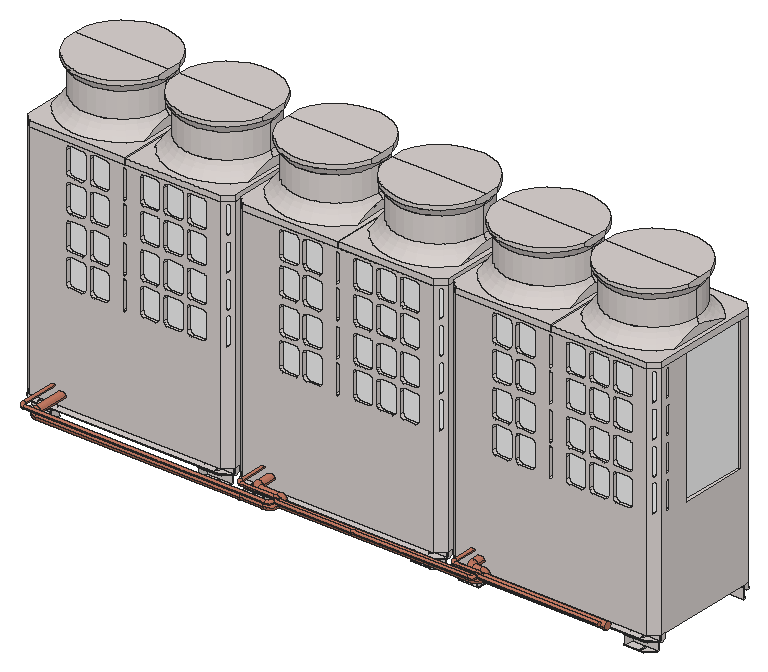
Revit family "PUHY-P1250YSNW-A1", category 機械設備, Revit 2016
Family settings
  パーツ タイプ = 標準
  丸型コネクタ寸法 = 半径を使用
  OmniClass 番号 = 23.75.00.00
  OmniClass タイトル = Climate Control (HVAC)
  作業面に基づく = いいえ
  常に垂直 = はい
  ロード時にボイドで切り取り = いいえ
  共有 = いいえ
  部屋の計算ポイント = いいえ
Parameters (values of type "PUHY-P1250YSNW-A1_380V_60Hz")
  モデル = "PUHY-P1250YSNW-A1"
  Width = 3780.000 mm
  WarrantyStart = ""
  Voltage = 380 V
  Unit Weight (kg) = 847
  URL = "http://www.mitsubishielectric.com/"
  Temp. range of heating (Outdoor temp.) (W.B.) = "-20.0 to 15.5"
  Temp. range of heating (Indoor temp.) (D.B.) = "15.0 to 27.0"
  Temp. range of cooling (Outdoor temp.) (D.B.) = "-5.0 to 52.0"
  Temp. range of cooling (Indoor temp.) (W.B.) = "15.0 to 24.0"
  TagNumber = 0
  Subcategory = "HVAC"
  Space View = yes
  Sound Pressure Level (dB(A)) Heating mode = 73
  Sound Pressure Level (dB(A)) Cooling mode = 70
  SerialNumber = 0
  ReplacementYear = ""
  Refrigerant type = "R410A"
  Refrigerant Charge (kg) = 30.4
  Protection Devices_Inverter circuit (COMP./FAN) = "Over-current protection"
  Protection Devices_High pressure (MPa) = "High pressure sensor, High pressure switch at 4.15"
  Phase = 3
  製造元 = "Mitsubishi Electric Corporation"
  Outdoor unit 3 Breaker size (A) = 60
  Outdoor unit 3 = PUHY-P400YNW-A1 : PUHY-P400YNW-A1
  Outdoor unit 2 Breaker size (A) = 60
  Outdoor unit 2 = PUHY-P400YNW-A1 : PUHY-P400YNW-A1
  Outdoor unit 1 Breaker size (A) = 60
  Outdoor unit 1 = PUHY-P450YNW-A1 : PUHY-P450YNW-A1
  Note_1 = "Refrigerant pipe diameters may change depending on the installation condition. Please refer to the installation manual."
  Maximum Circuit Ampacity (A) = 100.9
  Liquid pipe_radius = 9.525 mm
  InstallationDate = ""
  Indoor Unit Total Capacity = "50 to 130% of outdoor unit capacity"
  Indoor Unit Model/Quantity = "P10 to P250/3 to 50"
  Hertz = 60 Hz
  Height = 1858.000 mm
  Heating SCOP (kW/kW) = 3.91
  Heating Rated Load Ampacity (A) = 67.7
  Heating Power Input (kW) = 40.12
  Heating Power Input (Nominal) (kW) = 33.65
  Heating Current Input (Nominal) (A) = 56.8
  Heating Current Input (A) = 67.7
  Heating Capacity (kW) = 156.5
  Heating Capacity (Nominal) (kW) = 140
  Heating COP (kW/kW) = 3.9
  Heating COP (Nominal) (kW/kW) = 4.16
  Gas pipe_radius = 20.640 mm
  Fan_Type = "Propeller Fan"
  Fan_Quantity = 6
  Fan Motor Output (kW) = 2.76
  External static pressure (Pa) = 0
  External Finish = "Pre-coated galvanized steel sheets (+powder coating for -BS type) <MUNSELL 3Y 7.8/1.1 or similar>"
  Equip_description = ""
  Equip_No. = 0
  Equip_ID = ""
  Description = ""
  Depth = 740.000 mm
  CreatedOn = ""
  CreatedBy = ""
  Cooling SEER (kW/kW) = 6.3
  Cooling Rated Load Ampacity (A) = 74.7
  Cooling Power Input (kW) = 44.3
  Cooling EER (kW/kW) = 3.16
  Cooling Current Input (A) = 74.7
  Cooling Capacity (kW) = 140
  Compressor_Type = "Inverter scroll hermetic compressor"
  Compressor_Quantity = 3
  Compressor_Lubricant = "MEL32"
  Compressor Motor Output (kW) = 34.5
  Category = ""
  Barcode = ""
  AssetIdentifier = ""
  Airflow Rate (m3/min) = 905
  Airflow Rate (m3/h) = 54300
Reference planes
  plane 1 "Center (Front/Back)": y = 0
  plane 2: z = 0
  plane 3: z = 1710
  plane 4: z = 60
  plane 5: y = 370
  plane 6 "front": y = -370
  plane 7: x = -1890
  plane 8: x = -620
  plane 9: x = 620
  plane 10: x = -650
  plane 11: x = 650
  plane 12: y = 370
  plane 13: y = -370
  plane 14: z = 1858
  plane 15: x = 1890
  plane 16: x = 0
Forms (mm)
  Sweep 1, solid, material "Copper"
    path origin (137.855, 17.925, 192.255) x (0, -1, 0) y (1, 0, 0)
      loop
        line (380, -1839.039) -> (605, -1839.039)
        arc (605, -1839.039) -> (626.213, -1830.253) -> (635, -1809.039) r 30
        line (635, -1809.039) -> (635, -368.337)
        arc (635, -368.337) -> (629.142, -354.195) -> (615, -348.337) r 20
        line (615, -348.337) -> (590, -348.337)
        arc (590, -348.337) -> (575.858, -354.195) -> (570, -368.337) r 20
        line (570, -368.337) -> (570, -568.337)
        arc (570, -568.337) -> (564.142, -582.479) -> (550, -588.337) r 20
        line (550, -588.337) -> (380, -588.337)
    profile origin (-1701.184, -474.575, 192.255) x (1, 0, 0) y (0, 0, 1)
      loop
        circle (0, 0) r 9.525
  Sweep 2, solid, material "Copper"
    path origin (111.295, 17.925, 158.255) x (-1, 0, 0) y (0, -1, 0)
      loop
        line (1758.141, 380) -> (1758.141, 575)
        arc (1758.141, 575) -> (1747.889, 599.749) -> (1723.141, 610) r 35
        line (1723.141, 610) -> (502, 610) -> (364.723, 610)
        arc (364.723, 610) -> (339.974, 599.749) -> (329.723, 575) r 35
        line (329.723, 575) -> (329.723, 545)
        arc (329.723, 545) -> (339.974, 520.251) -> (364.723, 510) r 35
        line (364.723, 510) -> (475.673, 510)
        arc (475.673, 510) -> (500.421, 499.749) -> (510.673, 475) r 35
        line (510.673, 475) -> (510.673, 380)
    profile origin (-1646.846, -459.575, 158.255) x (1, 0, 0) y (0, 0, 1)
      loop
        circle (0, 0) r 20.64
  Sweep 3, solid, material "Copper"
    path origin (214.685, 17.925, 192.255) x (0, -1, 0) y (1, 0, 0)
      loop
        line (605, -426.689) -> (605, 43.311) -> (605, 737.327)
        arc (605, 737.327) -> (599.142, 751.469) -> (585, 757.327) r 20
        line (585, 757.327) -> (560.96, 757.327)
        arc (560.96, 757.327) -> (546.818, 751.469) -> (540.96, 737.327) r 20
        line (540.96, 737.327) -> (540.96, 607.327)
        arc (540.96, 607.327) -> (535.102, 593.185) -> (520.96, 587.327) r 20
        line (520.96, 587.327) -> (380, 587.327)
    profile origin (22.996, -587.075, 192.255) x (0, 1, 0) y (0, 0, 1)
      loop
        circle (0, 0) r 9.525
  Sweep 4, solid, material "Copper"
    path origin (188.125, 17.925, 158.255) x (-1, 0, 0) y (0, -1, 0)
      loop
        line (406.853, 555.96) -> (-741.149, 555.96)
        arc (-741.149, 555.96) -> (-765.897, 545.709) -> (-776.149, 520.96) r 35
        line (-776.149, 520.96) -> (-776.149, 510)
        arc (-776.149, 510) -> (-765.897, 485.251) -> (-741.149, 475) r 35
        line (-741.149, 475) -> (-696.149, 475)
        arc (-696.149, 475) -> (-671.4, 464.749) -> (-661.149, 440) r 35
        line (-661.149, 440) -> (-661.149, 380)
    profile origin (355.273, -538.035, 158.255) x (0, 1, 0) y (0, 0, 1)
      loop
        circle (0, 0) r 20.64
  Sweep 5, solid, material "Copper"
    path origin (249.685, 17.925, 192.255) x (0, -1, 0) y (1, 0, 0)
      loop
        line (572.806, 727.767) -> (572.806, 1455.315)
    profile origin (1341.226, -554.881, 192.255) x (0, 1, 0) y (0, 0, 1)
      loop
        circle (0, 0) r 9.525
  Sweep 6, solid, material "Copper"
    path origin (228.125, 17.925, 158.255) x (-1, 0, 0) y (0, -1, 0)
      loop
        line (-749.534, 515.995) -> (-1481.875, 515.995)
    profile origin (1343.83, -498.07, 158.255) x (0, 1, 0) y (0, 0, 1)
      loop
        circle (0, 0) r 20.64
Dimensions and locks
  nested 2 to nested 1 = 30.000 mm
  nested 1 to nested 1 = 1240.000 mm
  nested 2 to nested 2 = 1240.000 mm
  plane 9 to plane 11 = 30.000 mm
  plane 11 to plane 15 = 1240.000 mm
  "Liquid pipe_radius": radius of Sweep 5 sketch curve
  "Gas pipe_radius": radius of Sweep 6 sketch curve
  aligned and locked: level to plane 2
Automatic sketch dimensions
  Sweep 1 sketch curve to plane 6 "front" = 7.925 mm  (x2)
  plane 6 "front" to Sweep 1 sketch curve = 162.075 mm
  Sweep 1 sketch curve to Sweep 1 sketch curve = 20.000 mm  (x2)
  plane 6 "front" to Sweep 1 sketch curve = 217.075 mm
  Sweep 1 sketch curve to Sweep 1 sketch curve = 25.000 mm
  Sweep 1 sketch curve to Sweep 1 sketch curve = 30.000 mm
  profile plane to Sweep 1 sketch curve = 0.000 mm
  Sweep 1 sketch curve to profile plane = 0.000 mm
  Sweep 2 sketch curve to Sweep 2 sketch curve = 35.000 mm  (x3)
  plane 6 "front" to Sweep 2 sketch curve = 222.075 mm
  Sweep 2 sketch curve to Sweep 2 sketch curve = 30.000 mm
  Sweep 2 sketch curve to plane 6 "front" = 7.925 mm  (x2)
  profile plane to Sweep 2 sketch curve = 0.000 mm
  Sweep 2 sketch curve to profile plane = 0.000 mm
  Sweep 3 sketch curve to profile plane = 0.000 mm  (x2)
  plane 6 "front" to Sweep 4 sketch curve = 122.075 mm
  plane 6 "front" to Sweep 4 sketch curve = 87.075 mm
  Sweep 4 sketch curve to Sweep 4 sketch curve = 0.000 mm
  Sweep 4 sketch curve to Sweep 4 sketch curve = 45.000 mm
  plane 6 "front" to Sweep 4 sketch curve = 52.075 mm
  Sweep 4 sketch curve to Sweep 4 sketch curve = 60.000 mm
  Sweep 4 sketch curve to Sweep 4 sketch curve = 10.960 mm
  Sweep 4 sketch curve to profile plane = 0.000 mm  (x2)
  Sweep 3 sketch curve to plane 6 "front" = 7.925 mm
  plane 6 "front" to Sweep 3 sketch curve = 133.035 mm
  Sweep 3 sketch curve to Sweep 3 sketch curve = 20.000 mm  (x2)
  Sweep 3 sketch curve to Sweep 3 sketch curve = 24.040 mm
  plane 6 "front" to Sweep 3 sketch curve = 217.075 mm
  Sweep 3 sketch curve to Sweep 3 sketch curve = 470.000 mm
  Sweep 3 sketch curve to Sweep 3 sketch curve = 544.016 mm
  Sweep 3 sketch curve to Sweep 3 sketch curve = 130.000 mm
  Sweep 1 sketch curve to Sweep 1 sketch curve = 1220.702 mm
  Sweep 2 sketch curve to Sweep 2 sketch curve = 1212.468 mm
  Sweep 4 sketch curve to Sweep 4 sketch curve = 1068.002 mm
  plane 6 "front" to Sweep 5 sketch curve = 184.881 mm
  plane 6 "front" to Sweep 6 sketch curve = 128.070 mm
  Sweep 5 sketch curve to profile plane = 0.000 mm  (x2)
  Sweep 6 sketch curve to profile plane = 0.000 mm  (x2)
  plane 11 to Sweep 5 sketch curve = 327.453 mm
  Sweep 5 sketch curve to plane 15 = 185.000 mm
  Sweep 6 sketch curve to plane 15 = 180.000 mm
  plane 11 to Sweep 6 sketch curve = 327.659 mm
  plane 7 to Sweep 1 sketch curve = 188.816 mm
  Sweep 1 sketch curve to Sweep 1 sketch curve = 200.000 mm
  plane 6 "front" to Sweep 2 sketch curve = 157.075 mm
  Sweep 2 sketch curve to plane 8 = 401.573 mm
  Sweep 2 sketch curve to Sweep 2 sketch curve = 110.950 mm
  Sweep 2 sketch curve to Sweep 2 sketch curve = 26.327 mm
  Sweep 3 sketch curve to plane 9 = 362.004 mm
  plane 11 to Sweep 4 sketch curve = 314.274 mm
  radius of Sweep 1 sketch curve = 9.525 mm
  radius of Sweep 2 sketch curve = 20.640 mm
  radius of Sweep 3 sketch curve = 9.525 mm
  radius of Sweep 4 sketch curve = 20.640 mm
Nested families
  nested 1: "PUHY-P400YNW-A1" at (0, 0, 0), type <- "Outdoor unit 2", type "PUHY-P400YNW-A1"
  nested 2: "PUHY-P450YNW-A1" at (-1270, 0, 0), type <- "Outdoor unit 1", type "PUHY-P450YNW-A1"
  nested 3: "PUHY-P400YNW-A1" at (1270, 0, 0), type <- "Outdoor unit 3", type "PUHY-P400YNW-A1"
Connectors
  piping at (1710, -498.07, 158.255), diameter 41.28, driven by "Gas pipe_radius"
    settings: on Sweep 6, index 1, connector inside diameter 41.28 mm, connector length 0.000 mm, flow factor 0, pipe flow 0.0 L/s, pressure drop 0.0 Pa, fitting loss kfactor 0, connector angle 0.00°, fixture units 0, engagement length 0.000 mm, angle of deflection 0.00°, flow configuration 0, flow direction 0, fitting loss method 0, system type 22, joint type 0, gender type 0, connector reference index -1, connector utility 0, adjustable connector no, is connector primary yes, connector description "Indoor unit-Twinning pipe(Gas)"
  piping at (1705, -554.881, 192.255), diameter 19.05, driven by "Liquid pipe_radius"
    settings: on Sweep 5, index 2, connector inside diameter 19.05 mm, connector length 0.000 mm, flow factor 0, pipe flow 0.0 L/s, pressure drop 0.0 Pa, fitting loss kfactor 0, connector angle 0.00°, fixture units 0, engagement length 0.000 mm, angle of deflection 0.00°, flow configuration 0, flow direction 0, fitting loss method 0, system type 22, joint type 0, gender type 0, connector reference index -1, connector utility 0, adjustable connector no, is connector primary no, connector description "Indoor unit-Twinning pipe(Liquid)"
  electrical at (992, -370, 279), driven by "Phase", driven by "Voltage"
    settings: index 3, voltage 380 V, apparent load 0 VA, apparent load phase1 0 VA, apparent load phase2 0 VA, apparent load phase3 0 VA, power factor 1, load classification "HVAC", number of poles 3, system type 30, power factor state 1, is connector primary yes, connector utility no, sub classification motor no, connector description ""
  electrical at (-258, -370, 279), driven by "Phase", driven by "Voltage"
    settings: index 4, voltage 380 V, apparent load 0 VA, apparent load phase1 0 VA, apparent load phase2 0 VA, apparent load phase3 0 VA, power factor 1, load classification "HVAC", number of poles 3, system type 30, power factor state 1, is connector primary no, connector utility no, sub classification motor no, connector description ""
  electrical at (-1508, -370, 279), driven by "Phase", driven by "Voltage"
    settings: index 5, voltage 380 V, apparent load 0 VA, apparent load phase1 0 VA, apparent load phase2 0 VA, apparent load phase3 0 VA, power factor 1, load classification "HVAC", number of poles 3, system type 30, power factor state 1, is connector primary no, connector utility no, sub classification motor no, connector description ""
Definition of nested family "PUHY-P400YNW-A1"
  Parameters
    Model = "PUHY-P400YNW-A"
    URL = "http://www.mitsubishielectric.com/"
    Manufacturer = "Mitsubishi Electric Corporation"
    Liquid pipe_radius = 12.700 mm
    Gas pipe_radius = 14.290 mm
  Reference planes
    plane 1 "Center (Front/Back)": y = 0
    plane 2: z = 0
    plane 3 "Center (Left/Right)": x = 0
    plane 4: y = 370
    plane 5: z = 1858
    plane 6: y = -260
    plane 7: y = -204
    plane 8: y = -185
    plane 9: x = -620
    plane 10: x = 620
    plane 11: x = -620
    plane 12: z = 716
    plane 13: x = -524
    plane 14: z = 669
    plane 15: x = -50.5
    plane 16: x = 51
    plane 17: x = 489
    plane 18: x = 467
    plane 19 "132": x = 488
    plane 20 "100": z = 160
    plane 21: z = 185
    plane 22: x = 413
    plane 23: x = 364
    plane 24: z = 150
    plane 25: x = -287.25
    plane 26: x = -137.25
    plane 27: x = -272.25
    plane 28: y = -278
    plane 29: z = 1509
    plane 30: y = -370
    plane 31: x = -530
    plane 32: x = 530
    plane 33 "179": y = -191
  Forms (mm)
    Extrusion 1, solid
      sketch origin (-1, 0, 113) x (-1, 0, 0) y (0, -1, 0)
        loop
          line (569, -370) -> (619, -320) -> (619, 320) -> (569, 370) -> (-571, 370) -> (-621, 320) -> (-621, -320) -> (-571, -370) -> (569, -370)
      from -18 to 1408
    Extrusion 2, void
      sketch origin (524, -370, 113) x (1, 0, 0) y (0, 0, -1)
        loop
          arc (-60.8, -1393.5) -> (-42.557, -1385.943) -> (-35, -1367.7) r 25.8
          line (-35, -1367.7) -> (-35, -1248.5)
          arc (-35, -1248.5) -> (-42.557, -1230.257) -> (-60.8, -1222.7) r 25.8
          line (-60.8, -1222.7) -> (-126, -1222.7)
          arc (-126, -1222.7) -> (-144.243, -1230.257) -> (-151.8, -1248.5) r 25.8
          line (-151.8, -1248.5) -> (-151.8, -1367.7)
          arc (-151.8, -1367.7) -> (-144.243, -1385.943) -> (-126, -1393.5) r 25.8
          line (-126, -1393.5) -> (-60.8, -1393.5)
      from 0 to 20
    Extrusion 3, void
      sketch origin (524, -370, -81) x (1, 0, 0) y (0, 0, -1)
        loop
          arc (-60.8, -1393.5) -> (-42.557, -1385.943) -> (-35, -1367.7) r 25.8
          line (-35, -1367.7) -> (-35, -1248.5)
          arc (-35, -1248.5) -> (-42.557, -1230.257) -> (-60.8, -1222.7) r 25.8
          line (-60.8, -1222.7) -> (-126, -1222.7)
          arc (-126, -1222.7) -> (-144.243, -1230.257) -> (-151.8, -1248.5) r 25.8
          line (-151.8, -1248.5) -> (-151.8, -1367.7)
          arc (-151.8, -1367.7) -> (-144.243, -1385.943) -> (-126, -1393.5) r 25.8
          line (-126, -1393.5) -> (-60.8, -1393.5)
      from 0 to 20
    Extrusion 4, void
      sketch origin (524, -370, -287) x (1, 0, 0) y (0, 0, -1)
        loop
          arc (-60.8, -1393.5) -> (-42.557, -1385.943) -> (-35, -1367.7) r 25.8
          line (-35, -1367.7) -> (-35, -1248.5)
          arc (-35, -1248.5) -> (-42.557, -1230.257) -> (-60.8, -1222.7) r 25.8
          line (-60.8, -1222.7) -> (-126, -1222.7)
          arc (-126, -1222.7) -> (-144.243, -1230.257) -> (-151.8, -1248.5) r 25.8
          line (-151.8, -1248.5) -> (-151.8, -1367.7)
          arc (-151.8, -1367.7) -> (-144.243, -1385.943) -> (-126, -1393.5) r 25.8
          line (-126, -1393.5) -> (-60.8, -1393.5)
      from 0 to 20
    Extrusion 5, void
      sketch origin (524, -370, -481) x (1, 0, 0) y (0, 0, -1)
        loop
          arc (-60.8, -1393.5) -> (-42.557, -1385.943) -> (-35, -1367.7) r 25.8
          line (-35, -1367.7) -> (-35, -1248.5)
          arc (-35, -1248.5) -> (-42.557, -1230.257) -> (-60.8, -1222.7) r 25.8
          line (-60.8, -1222.7) -> (-126, -1222.7)
          arc (-126, -1222.7) -> (-144.243, -1230.257) -> (-151.8, -1248.5) r 25.8
          line (-151.8, -1248.5) -> (-151.8, -1367.7)
          arc (-151.8, -1367.7) -> (-144.243, -1385.943) -> (-126, -1393.5) r 25.8
          line (-126, -1393.5) -> (-60.8, -1393.5)
      from 0 to 20
    Extrusion 6, void
      sketch origin (384, -370, 113) x (1, 0, 0) y (0, 0, -1)
        loop
          arc (-60.8, -1393.5) -> (-42.557, -1385.943) -> (-35, -1367.7) r 25.8
          line (-35, -1367.7) -> (-35, -1248.5)
          arc (-35, -1248.5) -> (-42.557, -1230.257) -> (-60.8, -1222.7) r 25.8
          line (-60.8, -1222.7) -> (-126, -1222.7)
          arc (-126, -1222.7) -> (-144.243, -1230.257) -> (-151.8, -1248.5) r 25.8
          line (-151.8, -1248.5) -> (-151.8, -1367.7)
          arc (-151.8, -1367.7) -> (-144.243, -1385.943) -> (-126, -1393.5) r 25.8
          line (-126, -1393.5) -> (-60.8, -1393.5)
      from 0 to 20
    Extrusion 7, void
      sketch origin (384, -370, -81) x (1, 0, 0) y (0, 0, -1)
        loop
          arc (-60.8, -1393.5) -> (-42.557, -1385.943) -> (-35, -1367.7) r 25.8
          line (-35, -1367.7) -> (-35, -1248.5)
          arc (-35, -1248.5) -> (-42.557, -1230.257) -> (-60.8, -1222.7) r 25.8
          line (-60.8, -1222.7) -> (-126, -1222.7)
          arc (-126, -1222.7) -> (-144.243, -1230.257) -> (-151.8, -1248.5) r 25.8
          line (-151.8, -1248.5) -> (-151.8, -1367.7)
          arc (-151.8, -1367.7) -> (-144.243, -1385.943) -> (-126, -1393.5) r 25.8
          line (-126, -1393.5) -> (-60.8, -1393.5)
      from 0 to 20
    Extrusion 8, void
      sketch origin (384, -370, -287) x (1, 0, 0) y (0, 0, -1)
        loop
          arc (-60.8, -1393.5) -> (-42.557, -1385.943) -> (-35, -1367.7) r 25.8
          line (-35, -1367.7) -> (-35, -1248.5)
          arc (-35, -1248.5) -> (-42.557, -1230.257) -> (-60.8, -1222.7) r 25.8
          line (-60.8, -1222.7) -> (-126, -1222.7)
          arc (-126, -1222.7) -> (-144.243, -1230.257) -> (-151.8, -1248.5) r 25.8
          line (-151.8, -1248.5) -> (-151.8, -1367.7)
          arc (-151.8, -1367.7) -> (-144.243, -1385.943) -> (-126, -1393.5) r 25.8
          line (-126, -1393.5) -> (-60.8, -1393.5)
      from 0 to 20
    Extrusion 9, void
      sketch origin (384, -370, -481) x (1, 0, 0) y (0, 0, -1)
        loop
          arc (-60.8, -1393.5) -> (-42.557, -1385.943) -> (-35, -1367.7) r 25.8
          line (-35, -1367.7) -> (-35, -1248.5)
          arc (-35, -1248.5) -> (-42.557, -1230.257) -> (-60.8, -1222.7) r 25.8
          line (-60.8, -1222.7) -> (-126, -1222.7)
          arc (-126, -1222.7) -> (-144.243, -1230.257) -> (-151.8, -1248.5) r 25.8
          line (-151.8, -1248.5) -> (-151.8, -1367.7)
          arc (-151.8, -1367.7) -> (-144.243, -1385.943) -> (-126, -1393.5) r 25.8
          line (-126, -1393.5) -> (-60.8, -1393.5)
      from 0 to 20
    Extrusion 10, void
      sketch origin (244, -370, 113) x (1, 0, 0) y (0, 0, -1)
        loop
          arc (-60.8, -1393.5) -> (-42.557, -1385.943) -> (-35, -1367.7) r 25.8
          line (-35, -1367.7) -> (-35, -1248.5)
          arc (-35, -1248.5) -> (-42.557, -1230.257) -> (-60.8, -1222.7) r 25.8
          line (-60.8, -1222.7) -> (-126, -1222.7)
          arc (-126, -1222.7) -> (-144.243, -1230.257) -> (-151.8, -1248.5) r 25.8
          line (-151.8, -1248.5) -> (-151.8, -1367.7)
          arc (-151.8, -1367.7) -> (-144.243, -1385.943) -> (-126, -1393.5) r 25.8
          line (-126, -1393.5) -> (-60.8, -1393.5)
      from 0 to 20
    Extrusion 11, void
      sketch origin (244, -370, -81) x (1, 0, 0) y (0, 0, -1)
        loop
          arc (-60.8, -1393.5) -> (-42.557, -1385.943) -> (-35, -1367.7) r 25.8
          line (-35, -1367.7) -> (-35, -1248.5)
          arc (-35, -1248.5) -> (-42.557, -1230.257) -> (-60.8, -1222.7) r 25.8
          line (-60.8, -1222.7) -> (-126, -1222.7)
          arc (-126, -1222.7) -> (-144.243, -1230.257) -> (-151.8, -1248.5) r 25.8
          line (-151.8, -1248.5) -> (-151.8, -1367.7)
          arc (-151.8, -1367.7) -> (-144.243, -1385.943) -> (-126, -1393.5) r 25.8
          line (-126, -1393.5) -> (-60.8, -1393.5)
      from 0 to 20
    Extrusion 12, void
      sketch origin (244, -370, -287) x (1, 0, 0) y (0, 0, -1)
        loop
          arc (-60.8, -1393.5) -> (-42.557, -1385.943) -> (-35, -1367.7) r 25.8
          line (-35, -1367.7) -> (-35, -1248.5)
          arc (-35, -1248.5) -> (-42.557, -1230.257) -> (-60.8, -1222.7) r 25.8
          line (-60.8, -1222.7) -> (-126, -1222.7)
          arc (-126, -1222.7) -> (-144.243, -1230.257) -> (-151.8, -1248.5) r 25.8
          line (-151.8, -1248.5) -> (-151.8, -1367.7)
          arc (-151.8, -1367.7) -> (-144.243, -1385.943) -> (-126, -1393.5) r 25.8
          line (-126, -1393.5) -> (-60.8, -1393.5)
      from 0 to 20
    Extrusion 13, void
      sketch origin (244, -370, -481) x (1, 0, 0) y (0, 0, -1)
        loop
          arc (-60.8, -1393.5) -> (-42.557, -1385.943) -> (-35, -1367.7) r 25.8
          line (-35, -1367.7) -> (-35, -1248.5)
          arc (-35, -1248.5) -> (-42.557, -1230.257) -> (-60.8, -1222.7) r 25.8
          line (-60.8, -1222.7) -> (-126, -1222.7)
          arc (-126, -1222.7) -> (-144.243, -1230.257) -> (-151.8, -1248.5) r 25.8
          line (-151.8, -1248.5) -> (-151.8, -1367.7)
          arc (-151.8, -1367.7) -> (-144.243, -1385.943) -> (-126, -1393.5) r 25.8
          line (-126, -1393.5) -> (-60.8, -1393.5)
      from 0 to 20
    Extrusion 14, void
      sketch origin (-56, -370, 113) x (1, 0, 0) y (0, 0, -1)
        loop
          arc (-60.8, -1393.5) -> (-42.557, -1385.943) -> (-35, -1367.7) r 25.8
          line (-35, -1367.7) -> (-35, -1248.5)
          arc (-35, -1248.5) -> (-42.557, -1230.257) -> (-60.8, -1222.7) r 25.8
          line (-60.8, -1222.7) -> (-126, -1222.7)
          arc (-126, -1222.7) -> (-144.243, -1230.257) -> (-151.8, -1248.5) r 25.8
          line (-151.8, -1248.5) -> (-151.8, -1367.7)
          arc (-151.8, -1367.7) -> (-144.243, -1385.943) -> (-126, -1393.5) r 25.8
          line (-126, -1393.5) -> (-60.8, -1393.5)
      from 0 to 20
    Extrusion 15, void
      sketch origin (-56, -370, -81) x (1, 0, 0) y (0, 0, -1)
        loop
          arc (-60.8, -1393.5) -> (-42.557, -1385.943) -> (-35, -1367.7) r 25.8
          line (-35, -1367.7) -> (-35, -1248.5)
          arc (-35, -1248.5) -> (-42.557, -1230.257) -> (-60.8, -1222.7) r 25.8
          line (-60.8, -1222.7) -> (-126, -1222.7)
          arc (-126, -1222.7) -> (-144.243, -1230.257) -> (-151.8, -1248.5) r 25.8
          line (-151.8, -1248.5) -> (-151.8, -1367.7)
          arc (-151.8, -1367.7) -> (-144.243, -1385.943) -> (-126, -1393.5) r 25.8
          line (-126, -1393.5) -> (-60.8, -1393.5)
      from 0 to 20
    Extrusion 16, void
      sketch origin (-56, -370, -287) x (1, 0, 0) y (0, 0, -1)
        loop
          arc (-60.8, -1393.5) -> (-42.557, -1385.943) -> (-35, -1367.7) r 25.8
          line (-35, -1367.7) -> (-35, -1248.5)
          arc (-35, -1248.5) -> (-42.557, -1230.257) -> (-60.8, -1222.7) r 25.8
          line (-60.8, -1222.7) -> (-126, -1222.7)
          arc (-126, -1222.7) -> (-144.243, -1230.257) -> (-151.8, -1248.5) r 25.8
          line (-151.8, -1248.5) -> (-151.8, -1367.7)
          arc (-151.8, -1367.7) -> (-144.243, -1385.943) -> (-126, -1393.5) r 25.8
          line (-126, -1393.5) -> (-60.8, -1393.5)
      from 0 to 20
    Extrusion 17, void
      sketch origin (-56, -370, -481) x (1, 0, 0) y (0, 0, -1)
        loop
          arc (-60.8, -1393.5) -> (-42.557, -1385.943) -> (-35, -1367.7) r 25.8
          line (-35, -1367.7) -> (-35, -1248.5)
          arc (-35, -1248.5) -> (-42.557, -1230.257) -> (-60.8, -1222.7) r 25.8
          line (-60.8, -1222.7) -> (-126, -1222.7)
          arc (-126, -1222.7) -> (-144.243, -1230.257) -> (-151.8, -1248.5) r 25.8
          line (-151.8, -1248.5) -> (-151.8, -1367.7)
          arc (-151.8, -1367.7) -> (-144.243, -1385.943) -> (-126, -1393.5) r 25.8
          line (-126, -1393.5) -> (-60.8, -1393.5)
      from 0 to 20
    Extrusion 18, void
      sketch origin (-196, -370, 113) x (1, 0, 0) y (0, 0, -1)
        loop
          arc (-60.8, -1393.5) -> (-42.557, -1385.943) -> (-35, -1367.7) r 25.8
          line (-35, -1367.7) -> (-35, -1248.5)
          arc (-35, -1248.5) -> (-42.557, -1230.257) -> (-60.8, -1222.7) r 25.8
          line (-60.8, -1222.7) -> (-126, -1222.7)
          arc (-126, -1222.7) -> (-144.243, -1230.257) -> (-151.8, -1248.5) r 25.8
          line (-151.8, -1248.5) -> (-151.8, -1367.7)
          arc (-151.8, -1367.7) -> (-144.243, -1385.943) -> (-126, -1393.5) r 25.8
          line (-126, -1393.5) -> (-60.8, -1393.5)
      from 0 to 20
    Extrusion 19, void
      sketch origin (-196, -370, -81) x (1, 0, 0) y (0, 0, -1)
        loop
          arc (-60.8, -1393.5) -> (-42.557, -1385.943) -> (-35, -1367.7) r 25.8
          line (-35, -1367.7) -> (-35, -1248.5)
          arc (-35, -1248.5) -> (-42.557, -1230.257) -> (-60.8, -1222.7) r 25.8
          line (-60.8, -1222.7) -> (-126, -1222.7)
          arc (-126, -1222.7) -> (-144.243, -1230.257) -> (-151.8, -1248.5) r 25.8
          line (-151.8, -1248.5) -> (-151.8, -1367.7)
          arc (-151.8, -1367.7) -> (-144.243, -1385.943) -> (-126, -1393.5) r 25.8
          line (-126, -1393.5) -> (-60.8, -1393.5)
      from 0 to 20
    Extrusion 20, void
      sketch origin (-196, -370, -287) x (1, 0, 0) y (0, 0, -1)
        loop
          arc (-60.8, -1393.5) -> (-42.557, -1385.943) -> (-35, -1367.7) r 25.8
          line (-35, -1367.7) -> (-35, -1248.5)
          arc (-35, -1248.5) -> (-42.557, -1230.257) -> (-60.8, -1222.7) r 25.8
          line (-60.8, -1222.7) -> (-126, -1222.7)
          arc (-126, -1222.7) -> (-144.243, -1230.257) -> (-151.8, -1248.5) r 25.8
          line (-151.8, -1248.5) -> (-151.8, -1367.7)
          arc (-151.8, -1367.7) -> (-144.243, -1385.943) -> (-126, -1393.5) r 25.8
          line (-126, -1393.5) -> (-60.8, -1393.5)
      from 0 to 20
    Extrusion 21, void
      sketch origin (-196, -370, -481) x (1, 0, 0) y (0, 0, -1)
        loop
          arc (-60.8, -1393.5) -> (-42.557, -1385.943) -> (-35, -1367.7) r 25.8
          line (-35, -1367.7) -> (-35, -1248.5)
          arc (-35, -1248.5) -> (-42.557, -1230.257) -> (-60.8, -1222.7) r 25.8
          line (-60.8, -1222.7) -> (-126, -1222.7)
          arc (-126, -1222.7) -> (-144.243, -1230.257) -> (-151.8, -1248.5) r 25.8
          line (-151.8, -1248.5) -> (-151.8, -1367.7)
          arc (-151.8, -1367.7) -> (-144.243, -1385.943) -> (-126, -1393.5) r 25.8
          line (-126, -1393.5) -> (-60.8, -1393.5)
      from 0 to 20
    Extrusion 22, void
      sketch origin (620, 320, 113) x (0, 1, 0) y (0, 0, -1)
        loop
          line (-462.3, -1408) -> (-50.8, -1408) -> (-50.8, -612) -> (-462.3, -612) -> (-462.3, -1408)
      from 0 to 20
    Extrusion 23, void
      sketch origin (-620, -320, 113) x (0, -1, 0) y (0, 0, -1)
        loop
          line (-535.7, -1408) -> (-207.7, -1408) -> (-207.7, -592) -> (-535.7, -592) -> (-535.7, -1408)
      from 0 to 20
    Extrusion 24, void
      sketch origin (194.892, 370, 113) x (-1, 0, 0) y (0, 0, -1)
        loop
          arc (204.892, -1225.013) -> (194.892, -1215.013) -> (184.892, -1225.013) r 10
          line (184.892, -1225.013) -> (184.892, -1379.987)
          arc (184.892, -1379.987) -> (194.892, -1389.987) -> (204.892, -1379.987) r 10
          line (204.892, -1379.987) -> (204.892, -1225.013)
        loop
          arc (204.892, -1031.013) -> (194.892, -1021.013) -> (184.892, -1031.013) r 10
          line (184.892, -1031.013) -> (184.892, -1185.987)
          arc (184.892, -1185.987) -> (194.892, -1195.987) -> (204.892, -1185.987) r 10
          line (204.892, -1185.987) -> (204.892, -1031.013)
        loop
          arc (204.892, -825.013) -> (194.892, -815.013) -> (184.892, -825.013) r 10
          line (184.892, -825.013) -> (184.892, -979.987)
          arc (184.892, -979.987) -> (194.892, -989.987) -> (204.892, -979.987) r 10
          line (204.892, -979.987) -> (204.892, -825.013)
        loop
          arc (204.892, -631.013) -> (194.892, -621.013) -> (184.892, -631.013) r 10
          line (184.892, -631.013) -> (184.892, -785.987)
          arc (184.892, -785.987) -> (194.892, -795.987) -> (204.892, -785.987) r 10
          line (204.892, -785.987) -> (204.892, -631.013)
      from 0 to 20
    Extrusion 25, void
      sketch origin (-570, 370, 113) x (0.707107, 0.707107, 0) y (0, 0, 1)
        loop
          arc (-45.355, 1236) -> (-35.355, 1226) -> (-25.355, 1236) r 10
          line (-25.355, 1236) -> (-25.355, 1386)
          arc (-25.355, 1386) -> (-35.355, 1396) -> (-45.355, 1386) r 10
          line (-45.355, 1386) -> (-45.355, 1236)
        loop
          arc (-45.355, 1036) -> (-35.355, 1026) -> (-25.355, 1036) r 10
          line (-25.355, 1036) -> (-25.355, 1186)
          arc (-25.355, 1186) -> (-35.355, 1196) -> (-45.355, 1186) r 10
          line (-45.355, 1186) -> (-45.355, 1036)
        loop
          arc (-45.355, 836) -> (-35.355, 826) -> (-25.355, 836) r 10
          line (-25.355, 836) -> (-25.355, 986)
          arc (-25.355, 986) -> (-35.355, 996) -> (-45.355, 986) r 10
          line (-45.355, 986) -> (-45.355, 836)
        loop
          arc (-45.355, 641) -> (-35.355, 631) -> (-25.355, 641) r 10
          line (-25.355, 641) -> (-25.355, 791)
          arc (-25.355, 791) -> (-35.355, 801) -> (-45.355, 791) r 10
          line (-45.355, 791) -> (-45.355, 641)
      from 0 to 20
    Extrusion 26, void
      sketch origin (-620, -320, 113) x (0, -1, 0) y (0, 0, -1)
        loop
          line (-607.846, -1035.895) -> (-607.846, -1186.105)
          arc (-607.846, -1186.105) -> (-597.846, -1196.105) -> (-587.846, -1186.105) r 10
          line (-587.846, -1186.105) -> (-587.846, -1035.895)
          arc (-587.846, -1035.895) -> (-597.846, -1025.895) -> (-607.846, -1035.895) r 10
        loop
          line (-607.846, -835.895) -> (-607.846, -986.105)
          arc (-607.846, -986.105) -> (-597.846, -996.105) -> (-587.846, -986.105) r 10
          line (-587.846, -986.105) -> (-587.846, -835.895)
          arc (-587.846, -835.895) -> (-597.846, -825.895) -> (-607.846, -835.895) r 10
        loop
          line (-607.846, -1235.895) -> (-607.846, -1386.105)
          arc (-607.846, -1386.105) -> (-597.846, -1396.105) -> (-587.846, -1386.105) r 10
          line (-587.846, -1386.105) -> (-587.846, -1235.895)
          arc (-587.846, -1235.895) -> (-597.846, -1225.895) -> (-607.846, -1235.895) r 10
        loop
          line (-607.846, -635.895) -> (-607.846, -786.105)
          arc (-607.846, -786.105) -> (-597.846, -796.105) -> (-587.846, -786.105) r 10
          line (-587.846, -786.105) -> (-587.846, -635.895)
          arc (-587.846, -635.895) -> (-597.846, -625.895) -> (-607.846, -635.895) r 10
      from 0 to 20
    Extrusion 27, void
      sketch origin (1079, -370, 113) x (1, 0, 0) y (0, 0, -1)
        loop
          arc (-1089, -1379.975) -> (-1079, -1389.975) -> (-1069, -1379.975) r 10
          line (-1069, -1379.975) -> (-1069, -1225)
          arc (-1069, -1225) -> (-1079, -1215) -> (-1089, -1225) r 10
          line (-1089, -1225) -> (-1089, -1379.975)
        loop
          arc (-1089, -1185.975) -> (-1079, -1195.975) -> (-1069, -1185.975) r 10
          line (-1069, -1185.975) -> (-1069, -1031)
          arc (-1069, -1031) -> (-1079, -1021) -> (-1089, -1031) r 10
          line (-1089, -1031) -> (-1089, -1185.975)
        loop
          arc (-1089, -979.975) -> (-1079, -989.975) -> (-1069, -979.975) r 10
          line (-1069, -979.975) -> (-1069, -825)
          arc (-1069, -825) -> (-1079, -815) -> (-1089, -825) r 10
          line (-1089, -825) -> (-1089, -979.975)
        loop
          arc (-1089, -785.975) -> (-1079, -795.975) -> (-1069, -785.975) r 10
          line (-1069, -785.975) -> (-1069, -631)
          arc (-1069, -631) -> (-1079, -621) -> (-1089, -631) r 10
          line (-1089, -631) -> (-1089, -785.975)
      from 0 to 20
    Extrusion 28, void
      sketch origin (-571, 370, 113) x (-1, 0, 0) y (0, 0, -1)
        loop
          line (-519.5, -1408) -> (-48, -1408) -> (-48, -556) -> (-519.5, -556) -> (-519.5, -1408)
      from 0 to 20
    Extrusion 29, void
      sketch origin (-571, 370, 113) x (-1, 0, 0) y (0, 0, -1)
        loop
          line (-1038, -1408) -> (-622, -1408) -> (-622, -556) -> (-1038, -556) -> (-1038, -1408)
      from 0 to 20
    Extrusion 30, void
      sketch origin (620, 320, 113) x (0, 1, 0) y (0, 0, -1)
        loop
          arc (-588, -1035.791) -> (-598, -1025.791) -> (-608, -1035.791) r 10
          line (-608, -1035.791) -> (-608, -1186)
          arc (-608, -1186) -> (-598, -1196) -> (-588, -1186) r 10
          line (-588, -1186) -> (-588, -1035.791)
        loop
          arc (-588, -835.791) -> (-598, -825.791) -> (-608, -835.791) r 10
          line (-608, -835.791) -> (-608, -986)
          arc (-608, -986) -> (-598, -996) -> (-588, -986) r 10
          line (-588, -986) -> (-588, -835.791)
        loop
          arc (-588, -1235.791) -> (-598, -1225.791) -> (-608, -1235.791) r 10
          line (-608, -1235.791) -> (-608, -1386)
          arc (-608, -1386) -> (-598, -1396) -> (-588, -1386) r 10
          line (-588, -1386) -> (-588, -1235.791)
        loop
          arc (-588, -635.791) -> (-598, -625.791) -> (-608, -635.791) r 10
          line (-608, -635.791) -> (-608, -786)
          arc (-608, -786) -> (-598, -796) -> (-588, -786) r 10
          line (-588, -786) -> (-588, -635.791)
      from 0 to 20
    Extrusion 31, void
      sketch origin (1291.751, 351.751, 113) x (0.707107, 0.707107, 0) y (0, 0, -1)
        loop
          line (-995.311, -1236) -> (-995.311, -1386)
          arc (-995.311, -1386) -> (-985.311, -1396) -> (-975.311, -1386) r 10
          line (-975.311, -1386) -> (-975.311, -1236)
          arc (-975.311, -1236) -> (-985.311, -1226) -> (-995.311, -1236) r 10
        loop
          line (-995.311, -1036) -> (-995.311, -1186)
          arc (-995.311, -1186) -> (-985.311, -1196) -> (-975.311, -1186) r 10
          line (-975.311, -1186) -> (-975.311, -1036)
          arc (-975.311, -1036) -> (-985.311, -1026) -> (-995.311, -1036) r 10
        loop
          line (-995.311, -836) -> (-995.311, -986)
          arc (-995.311, -986) -> (-985.311, -996) -> (-975.311, -986) r 10
          line (-975.311, -986) -> (-975.311, -836)
          arc (-975.311, -836) -> (-985.311, -826) -> (-995.311, -836) r 10
        loop
          line (-995.311, -641) -> (-995.311, -791)
          arc (-995.311, -791) -> (-985.311, -801) -> (-975.311, -791) r 10
          line (-975.311, -791) -> (-975.311, -641)
          arc (-975.311, -641) -> (-985.311, -631) -> (-995.311, -641) r 10
      from 0 to 20
    Extrusion 32, void
      sketch origin (0, -191, 0) x (-1, 0, 0) y (0, 0, 1)
        loop
          circle (460, 176) r 6.35
      from 0 to 78.7
    Extrusion 33, void
      sketch origin (0, -191, 0) x (-1, 0, 0) y (0, 0, 1)
        loop
          circle (377, 176) r 14.29
      from 0 to 78.7
  Cuts and joins
    Extrusion 2, Extrusion 3, Extrusion 4, Extrusion 5, Extrusion 6, Extrusion 7, Extrusion 8, Extrusion 9, Extrusion 10, Extrusion 11, Extrusion 12, Extrusion 13, Extrusion 14, Extrusion 15, Extrusion 16, Extrusion 17, Extrusion 18, Extrusion 19, Extrusion 20, Extrusion 21, Extrusion 22, Extrusion 23, Extrusion 24, Extrusion 25, Extrusion 26, Extrusion 27, Extrusion 28, Extrusion 29, Extrusion 30, Extrusion 31, Extrusion 32, Extrusion 33 cuts Extrusion 1
  Lines and regions (mm)
    model lines
      curve 1: line (-351, -291, 95) -> (-481, -291, 95)
      curve 2: line (-342, -206, 95) -> (-342, -282, 95)
      curve 3: line (-481, -197, 95) -> (-351, -197, 95)
      curve 4: line (-492, -280, 95) -> (-492, -208, 95)
      curve 5: arc (-492, -280, 95) -> (-488.778, -287.778, 95) -> (-481, -291, 95) r 11
      curve 6: arc (-351, -291, 95) -> (-344.636, -288.364, 95) -> (-342, -282, 95) r 9
      curve 7: arc (-342, -206, 95) -> (-344.636, -199.636, 95) -> (-351, -197, 95) r 9
      curve 8: arc (-481, -197, 95) -> (-488.778, -200.222, 95) -> (-492, -208, 95) r 11
      curve 9: line (-30, -370, 1521) -> (-30, -370, 95)
      curve 10: line (30, -370, 1521) -> (30, -370, 95)
      curve 11: line (-485, -370, 215) -> (-357, -370, 215)
      curve 12: line (-495, -370, 141) -> (-495, -370, 205)
      curve 13: line (-357, -370, 131) -> (-485, -370, 131)
      curve 14: line (-347, -370, 205) -> (-347, -370, 141)
      curve 15: arc (-485, -370, 215) -> (-492.071, -370, 212.071) -> (-495, -370, 205) r 10
      curve 16: arc (-495, -370, 141) -> (-492.071, -370, 133.929) -> (-485, -370, 131) r 10
      curve 17: arc (-357, -370, 131) -> (-349.929, -370, 133.929) -> (-347, -370, 141) r 10
      curve 18: arc (-347, -370, 205) -> (-349.929, -370, 212.071) -> (-357, -370, 215) r 10
      curve 19: line (-405, -370, 1521) -> (-405, -370, 716)
      curve 20: line (620, -162.3, 1521) -> (620, -162.3, 95)
      curve 21: line (620, 289.2, 1521) -> (620, 289.2, 95)
      curve 22: line (620, -162.3, 705) -> (620, 289.2, 705)
      curve 23: line (620, -162.3, 725) -> (620, 289.2, 725)
      curve 24: line (620, -76.8, 583) -> (620, 203.2, 583)
      curve 25: line (620, 203.2, 563) -> (620, -76.8, 563)
      curve 26: arc (620, -76.8, 583) -> (620, -83.871, 580.071) -> (620, -86.8, 573) r 10
      curve 27: arc (620, -76.8, 563) -> (620, -83.871, 565.929) -> (620, -86.8, 573) r 10
      curve 28: arc (620, 203.2, 583) -> (620, 210.271, 580.071) -> (620, 213.2, 573) r 10
      curve 29: arc (620, 203.2, 563) -> (620, 210.271, 565.929) -> (620, 213.2, 573) r 10
      curve 30: line (620, -76.8, 478) -> (620, 203.2, 478)
      curve 31: line (620, 203.2, 458) -> (620, -76.8, 458)
      curve 32: arc (620, -76.8, 478) -> (620, -83.871, 475.071) -> (620, -86.8, 468) r 10
      curve 33: arc (620, -76.8, 458) -> (620, -83.871, 460.929) -> (620, -86.8, 468) r 10
      curve 34: arc (620, 203.2, 478) -> (620, 210.271, 475.071) -> (620, 213.2, 468) r 10
      curve 35: arc (620, 203.2, 458) -> (620, 210.271, 460.929) -> (620, 213.2, 468) r 10
      curve 36: line (620, -76.8, 373) -> (620, 203.2, 373)
      curve 37: line (620, 203.2, 353) -> (620, -76.8, 353)
      curve 38: arc (620, -76.8, 373) -> (620, -83.871, 370.071) -> (620, -86.8, 363) r 10
      curve 39: arc (620, -76.8, 353) -> (620, -83.871, 355.929) -> (620, -86.8, 363) r 10
      curve 40: arc (620, 203.2, 373) -> (620, 210.271, 370.071) -> (620, 213.2, 363) r 10
      curve 41: arc (620, 203.2, 353) -> (620, 210.271, 355.929) -> (620, 213.2, 363) r 10
      curve 42: line (620, -76.8, 268) -> (620, 203.2, 268)
      curve 43: line (620, 203.2, 248) -> (620, -76.8, 248)
      curve 44: arc (620, -76.8, 268) -> (620, -83.871, 265.071) -> (620, -86.8, 258) r 10
      curve 45: arc (620, -76.8, 248) -> (620, -83.871, 250.929) -> (620, -86.8, 258) r 10
      curve 46: arc (620, 203.2, 268) -> (620, 210.271, 265.071) -> (620, 213.2, 258) r 10
      curve 47: arc (620, 203.2, 248) -> (620, 210.271, 250.929) -> (620, 213.2, 258) r 10
      curve 48: line (-620, -162.3, 1521) -> (-620, -162.3, 95)
      curve 49: line (-620, 235.7, 1521) -> (-620, 235.7, 95)
      curve 50: line (-620, -112.3, 1521) -> (-620, -112.3, 705)
      curve 51: line (-620, 215.7, 1521) -> (-620, 215.7, 705)
      curve 52: line (-620, 235.7, 705) -> (-620, -162.3, 705)
      curve 53: line (-620, 176.7, 268) -> (-620, -103.3, 268)
      curve 54: line (-620, -103.3, 248) -> (-620, 176.7, 248)
      curve 55: arc (-620, 186.7, 258) -> (-620, 183.771, 265.071) -> (-620, 176.7, 268) r 10
      curve 56: arc (-620, 176.7, 248) -> (-620, 183.771, 250.929) -> (-620, 186.7, 258) r 10
      curve 57: arc (-620, -103.3, 268) -> (-620, -110.371, 265.071) -> (-620, -113.3, 258) r 10
      curve 58: arc (-620, -113.3, 258) -> (-620, -110.371, 250.929) -> (-620, -103.3, 248) r 10
      curve 59: line (-620, 176.7, 373) -> (-620, -103.3, 373)
      curve 60: line (-620, -103.3, 353) -> (-620, 176.7, 353)
      curve 61: arc (-620, 186.7, 363) -> (-620, 183.771, 370.071) -> (-620, 176.7, 373) r 10
      curve 62: arc (-620, 176.7, 353) -> (-620, 183.771, 355.929) -> (-620, 186.7, 363) r 10
      curve 63: arc (-620, -103.3, 373) -> (-620, -110.371, 370.071) -> (-620, -113.3, 363) r 10
      curve 64: arc (-620, -113.3, 363) -> (-620, -110.371, 355.929) -> (-620, -103.3, 353) r 10
      curve 65: line (-620, 176.7, 478) -> (-620, -103.3, 478)
      curve 66: line (-620, -103.3, 458) -> (-620, 176.7, 458)
      curve 67: arc (-620, 186.7, 468) -> (-620, 183.771, 475.071) -> (-620, 176.7, 478) r 10
      curve 68: arc (-620, 176.7, 458) -> (-620, 183.771, 460.929) -> (-620, 186.7, 468) r 10
      curve 69: arc (-620, -103.3, 478) -> (-620, -110.371, 475.071) -> (-620, -113.3, 468) r 10
      curve 70: arc (-620, -113.3, 468) -> (-620, -110.371, 460.929) -> (-620, -103.3, 458) r 10
      curve 71: line (-620, 176.7, 583) -> (-620, -103.3, 583)
      curve 72: line (-620, -103.3, 563) -> (-620, 176.7, 563)
      curve 73: arc (-620, 186.7, 573) -> (-620, 183.771, 580.071) -> (-620, 176.7, 583) r 10
      curve 74: arc (-620, 176.7, 563) -> (-620, 183.771, 565.929) -> (-620, 186.7, 573) r 10
      curve 75: arc (-620, -103.3, 583) -> (-620, -110.371, 580.071) -> (-620, -113.3, 573) r 10
      curve 76: arc (-620, -113.3, 573) -> (-620, -110.371, 565.929) -> (-620, -103.3, 563) r 10
      curve 77: line (-544, 370, 1521) -> (-544, 370, 95)
      curve 78: line (489, 370, 649) -> (30, 370, 649)
      curve 79: line (-30.5, 370, 649) -> (-544, 370, 649)
      curve 80: line (-147.25, 370, 584) -> (-427.25, 370, 584)
      curve 81: line (-427.25, 370, 564) -> (-147.25, 370, 564)
      curve 82: arc (-137.25, 370, 574) -> (-140.179, 370, 581.071) -> (-147.25, 370, 584) r 10
      curve 83: arc (-147.25, 370, 564) -> (-140.179, 370, 566.929) -> (-137.25, 370, 574) r 10
      curve 84: arc (-427.25, 370, 584) -> (-434.321, 370, 581.071) -> (-437.25, 370, 574) r 10
      curve 85: arc (-437.25, 370, 574) -> (-434.321, 370, 566.929) -> (-427.25, 370, 564) r 10
      curve 86: circle (448, -185, 1521) r 15 normal (0, 0, 1)
      curve 87: circle (468, -185, 95) r 26 normal (0, 0, 1)
      curve 88: circle (448, -260, 95) r 32.5 normal (0, 0, 1)
      curve 89: circle (404, -204, 95) r 17 normal (0, 0, 1)
      curve 90: line (-550, -370, 1521) -> (-550, -370, 95)
      curve 91: line (-550, -370, 716) -> (-30, -370, 716)
      curve 92: line (550, -370, 95) -> (550, -370, 1521)
      curve 93: line (30, -370, 716) -> (550, -370, 716)
      curve 94: line (-30.5, 370, 1521) -> (-30.5, 370, 95)
      curve 95: line (30, 370, 1521) -> (30, 370, 95)
      curve 96: line (489, 370, 1521) -> (489, 370, 95)
      curve 97: line (467, 370, 669) -> (467, 370, 649)
      curve 98: line (-352, -370, 223) -> (-550, -370, 223)
      curve 99: line (-342, -370, 213) -> (-342, -370, 95)
      curve 100: arc (-342, -370, 213) -> (-344.929, -370, 220.071) -> (-352, -370, 223) r 10
      curve 101: circle (488, -370, 160) r 32.5 normal (0, -1, 0)
      curve 102: circle (488, -370, 160) r 20 normal (0, -1, 0)
      curve 103: circle (364, -370, 150) r 17 normal (0, -1, 0)
      curve 104: circle (413, -370, 185) r 26 normal (0, -1, 0)
      curve 105: circle (413, -370, 185) r 13.5 normal (0, -1, 0)
      curve 106: line (352, -370, 223) -> (550, -370, 223)
      curve 107: line (342, -370, 213) -> (342, -370, 95)
      curve 108: arc (342, -370, 213) -> (344.929, -370, 220.071) -> (352, -370, 223) r 10
      curve 109: line (-147.25, 370, 479) -> (-427.25, 370, 479)
      curve 110: line (-427.25, 370, 459) -> (-147.25, 370, 459)
      curve 111: arc (-137.25, 370, 469) -> (-140.179, 370, 476.071) -> (-147.25, 370, 479) r 10
      curve 112: arc (-147.25, 370, 459) -> (-140.179, 370, 461.929) -> (-137.25, 370, 469) r 10
      curve 113: arc (-427.25, 370, 479) -> (-434.321, 370, 476.071) -> (-437.25, 370, 469) r 10
      curve 114: arc (-437.25, 370, 469) -> (-434.321, 370, 461.929) -> (-427.25, 370, 459) r 10
      curve 115: line (-147.25, 370, 374) -> (-427.25, 370, 374)
      curve 116: line (-427.25, 370, 354) -> (-147.25, 370, 354)
      curve 117: arc (-137.25, 370, 364) -> (-140.179, 370, 371.071) -> (-147.25, 370, 374) r 10
      curve 118: arc (-147.25, 370, 354) -> (-140.179, 370, 356.929) -> (-137.25, 370, 364) r 10
      curve 119: arc (-427.25, 370, 374) -> (-434.321, 370, 371.071) -> (-437.25, 370, 364) r 10
      curve 120: arc (-437.25, 370, 364) -> (-434.321, 370, 356.929) -> (-427.25, 370, 354) r 10
      curve 121: line (-147.25, 370, 269) -> (-427.25, 370, 269)
      curve 122: line (-427.25, 370, 249) -> (-147.25, 370, 249)
      curve 123: arc (-137.25, 370, 259) -> (-140.179, 370, 266.071) -> (-147.25, 370, 269) r 10
      curve 124: arc (-147.25, 370, 249) -> (-140.179, 370, 251.929) -> (-137.25, 370, 259) r 10
      curve 125: arc (-427.25, 370, 269) -> (-434.321, 370, 266.071) -> (-437.25, 370, 259) r 10
      curve 126: arc (-437.25, 370, 259) -> (-434.321, 370, 251.929) -> (-427.25, 370, 249) r 10
      curve 127: line (399.5, 370, 584) -> (119.5, 370, 584)
      curve 128: line (119.5, 370, 564) -> (399.5, 370, 564)
      curve 129: arc (409.5, 370, 574) -> (406.571, 370, 581.071) -> (399.5, 370, 584) r 10
      curve 130: arc (399.5, 370, 564) -> (406.571, 370, 566.929) -> (409.5, 370, 574) r 10
      curve 131: arc (119.5, 370, 584) -> (112.429, 370, 581.071) -> (109.5, 370, 574) r 10
      curve 132: arc (109.5, 370, 574) -> (112.429, 370, 566.929) -> (119.5, 370, 564) r 10
      curve 133: line (399.5, 370, 479) -> (119.5, 370, 479)
      curve 134: line (119.5, 370, 459) -> (399.5, 370, 459)
      curve 135: arc (409.5, 370, 469) -> (406.571, 370, 476.071) -> (399.5, 370, 479) r 10
      curve 136: arc (399.5, 370, 459) -> (406.571, 370, 461.929) -> (409.5, 370, 469) r 10
      curve 137: arc (119.5, 370, 479) -> (112.429, 370, 476.071) -> (109.5, 370, 469) r 10
      curve 138: arc (109.5, 370, 469) -> (112.429, 370, 461.929) -> (119.5, 370, 459) r 10
      curve 139: line (399.5, 370, 374) -> (119.5, 370, 374)
      curve 140: line (119.5, 370, 354) -> (399.5, 370, 354)
      curve 141: arc (409.5, 370, 364) -> (406.571, 370, 371.071) -> (399.5, 370, 374) r 10
      curve 142: arc (399.5, 370, 354) -> (406.571, 370, 356.929) -> (409.5, 370, 364) r 10
      curve 143: arc (119.5, 370, 374) -> (112.429, 370, 371.071) -> (109.5, 370, 364) r 10
      curve 144: arc (109.5, 370, 364) -> (112.429, 370, 356.929) -> (119.5, 370, 354) r 10
      curve 145: line (399.5, 370, 269) -> (119.5, 370, 269)
      curve 146: line (119.5, 370, 249) -> (399.5, 370, 249)
      curve 147: arc (409.5, 370, 259) -> (406.571, 370, 266.071) -> (399.5, 370, 269) r 10
      curve 148: arc (399.5, 370, 249) -> (406.571, 370, 251.929) -> (409.5, 370, 259) r 10
      curve 149: arc (119.5, 370, 269) -> (112.429, 370, 266.071) -> (109.5, 370, 259) r 10
      curve 150: arc (109.5, 370, 259) -> (112.429, 370, 251.929) -> (119.5, 370, 249) r 10
      curve 151: line (399.5, -370, 584) -> (119.5, -370, 584)
      curve 152: line (119.5, -370, 564) -> (399.5, -370, 564)
      curve 153: arc (409.5, -370, 574) -> (406.571, -370, 581.071) -> (399.5, -370, 584) r 10
      curve 154: arc (399.5, -370, 564) -> (406.571, -370, 566.929) -> (409.5, -370, 574) r 10
      curve 155: arc (119.5, -370, 584) -> (112.429, -370, 581.071) -> (109.5, -370, 574) r 10
      curve 156: arc (109.5, -370, 574) -> (112.429, -370, 566.929) -> (119.5, -370, 564) r 10
      curve 157: line (399.5, -370, 479) -> (119.5, -370, 479)
      curve 158: line (119.5, -370, 459) -> (399.5, -370, 459)
      curve 159: arc (409.5, -370, 469) -> (406.571, -370, 476.071) -> (399.5, -370, 479) r 10
      curve 160: arc (399.5, -370, 459) -> (406.571, -370, 461.929) -> (409.5, -370, 469) r 10
      curve 161: arc (119.5, -370, 479) -> (112.429, -370, 476.071) -> (109.5, -370, 469) r 10
      curve 162: arc (109.5, -370, 469) -> (112.429, -370, 461.929) -> (119.5, -370, 459) r 10
      curve 163: line (399.5, -370, 374) -> (119.5, -370, 374)
      curve 164: line (119.5, -370, 354) -> (399.5, -370, 354)
      curve 165: arc (409.5, -370, 364) -> (406.571, -370, 371.071) -> (399.5, -370, 374) r 10
      curve 166: arc (399.5, -370, 354) -> (406.571, -370, 356.929) -> (409.5, -370, 364) r 10
      curve 167: arc (119.5, -370, 374) -> (112.429, -370, 371.071) -> (109.5, -370, 364) r 10
      curve 168: arc (109.5, -370, 364) -> (112.429, -370, 356.929) -> (119.5, -370, 354) r 10
      curve 169: arc (119.5, -370, 269) -> (112.429, -370, 266.071) -> (109.5, -370, 259) r 10
      curve 170: arc (109.5, -370, 259) -> (112.429, -370, 251.929) -> (119.5, -370, 249) r 10
      curve 171: line (-147.25, -370, 584) -> (-427.25, -370, 584)
      curve 172: line (-427.25, -370, 564) -> (-147.25, -370, 564)
      curve 173: arc (-137.25, -370, 574) -> (-140.179, -370, 581.071) -> (-147.25, -370, 584) r 10
      curve 174: arc (-147.25, -370, 564) -> (-140.179, -370, 566.929) -> (-137.25, -370, 574) r 10
      curve 175: arc (-427.25, -370, 584) -> (-434.321, -370, 581.071) -> (-437.25, -370, 574) r 10
      curve 176: arc (-437.25, -370, 574) -> (-434.321, -370, 566.929) -> (-427.25, -370, 564) r 10
      curve 177: line (-147.25, -370, 479) -> (-427.25, -370, 479)
      curve 178: line (-427.25, -370, 459) -> (-147.25, -370, 459)
      curve 179: arc (-137.25, -370, 469) -> (-140.179, -370, 476.071) -> (-147.25, -370, 479) r 10
      curve 180: arc (-147.25, -370, 459) -> (-140.179, -370, 461.929) -> (-137.25, -370, 469) r 10
      curve 181: arc (-427.25, -370, 479) -> (-434.321, -370, 476.071) -> (-437.25, -370, 469) r 10
      curve 182: arc (-437.25, -370, 469) -> (-434.321, -370, 461.929) -> (-427.25, -370, 459) r 10
      curve 183: line (-147.25, -370, 374) -> (-427.25, -370, 374)
      curve 184: line (-427.25, -370, 354) -> (-147.25, -370, 354)
      curve 185: arc (-137.25, -370, 364) -> (-140.179, -370, 371.071) -> (-147.25, -370, 374) r 10
      curve 186: arc (-147.25, -370, 354) -> (-140.179, -370, 356.929) -> (-137.25, -370, 364) r 10
      curve 187: arc (-427.25, -370, 374) -> (-434.321, -370, 371.071) -> (-437.25, -370, 364) r 10
      curve 188: arc (-437.25, -370, 364) -> (-434.321, -370, 356.929) -> (-427.25, -370, 354) r 10
      curve 189: line (-147.25, -370, 269) -> (-262.25, -370, 269)
      curve 190: line (-262.25, -370, 249) -> (-147.25, -370, 249)
      curve 191: arc (-137.25, -370, 259) -> (-140.179, -370, 266.071) -> (-147.25, -370, 269) r 10
      curve 192: arc (-147.25, -370, 249) -> (-140.179, -370, 251.929) -> (-137.25, -370, 259) r 10
      curve 193: arc (-262.25, -370, 269) -> (-269.321, -370, 266.071) -> (-272.25, -370, 259) r 10
      curve 194: arc (-272.25, -370, 259) -> (-269.321, -370, 251.929) -> (-262.25, -370, 249) r 10
      curve 195: line (234.5, -370, 269) -> (119.5, -370, 269)
      curve 196: line (119.5, -370, 249) -> (234.5, -370, 249)
      curve 197: arc (244.5, -370, 259) -> (241.571, -370, 266.071) -> (234.5, -370, 269) r 10
      curve 198: arc (234.5, -370, 249) -> (241.571, -370, 251.929) -> (244.5, -370, 259) r 10
  Dimensions and locks
    nested 2 to nested 2 = 303.000 mm
    cut or joined group 1 (Extrusion 1, Extrusion 2, Extrusion 3, Extrusion 4, Extrusion 5, Extrusion 6, Extrusion 7, Extrusion 8, Extrusion 9, Extrusion 10, Extrusion 11, Extrusion 12, Extrusion 13, Extrusion 14, Extrusion 15, Extrusion 16, Extrusion 17, Extrusion 18, Extrusion 19, Extrusion 20, Extrusion 21, Extrusion 22, Extrusion 23, Extrusion 24, Extrusion 25, Extrusion 26, Extrusion 27, Extrusion 28, Extrusion 29, Extrusion 30, Extrusion 31, Extrusion 32, Extrusion 33) to cut or joined group 1 = 1240.000 mm
    Extrusion 2 sketch curve to Extrusion 2 sketch curve = 116.800 mm
    Extrusion 2 sketch curve to Extrusion 2 sketch curve = 170.800 mm
    Extrusion 3 sketch curve to Extrusion 3 sketch curve = 116.800 mm
    Extrusion 3 sketch curve to Extrusion 3 sketch curve = 170.800 mm
    Extrusion 4 sketch curve to Extrusion 4 sketch curve = 116.800 mm
    Extrusion 4 sketch curve to Extrusion 4 sketch curve = 170.800 mm
    Extrusion 5 sketch curve to Extrusion 5 sketch curve = 116.800 mm
    Extrusion 5 sketch curve to Extrusion 5 sketch curve = 170.800 mm
    Extrusion 6 sketch curve to Extrusion 6 sketch curve = 116.800 mm
    Extrusion 6 sketch curve to Extrusion 6 sketch curve = 170.800 mm
    Extrusion 7 sketch curve to Extrusion 7 sketch curve = 116.800 mm
    Extrusion 7 sketch curve to Extrusion 7 sketch curve = 170.800 mm
    Extrusion 8 sketch curve to Extrusion 8 sketch curve = 116.800 mm
    Extrusion 8 sketch curve to Extrusion 8 sketch curve = 170.800 mm
    Extrusion 9 sketch curve to Extrusion 9 sketch curve = 116.800 mm
    Extrusion 9 sketch curve to Extrusion 9 sketch curve = 170.800 mm
    cut or joined group 1 to cut or joined group 1 = 50.000 mm  (x2)
    Extrusion 10 sketch curve to Extrusion 10 sketch curve = 116.800 mm
    Extrusion 10 sketch curve to Extrusion 10 sketch curve = 170.800 mm
    Extrusion 11 sketch curve to Extrusion 11 sketch curve = 116.800 mm
    Extrusion 11 sketch curve to Extrusion 11 sketch curve = 170.800 mm
    Extrusion 12 sketch curve to Extrusion 12 sketch curve = 116.800 mm
    Extrusion 12 sketch curve to Extrusion 12 sketch curve = 170.800 mm
    Extrusion 13 sketch curve to Extrusion 13 sketch curve = 116.800 mm
    Extrusion 13 sketch curve to Extrusion 13 sketch curve = 170.800 mm
    Extrusion 14 sketch curve to Extrusion 14 sketch curve = 116.800 mm
    Extrusion 14 sketch curve to Extrusion 14 sketch curve = 170.800 mm
    Extrusion 15 sketch curve to Extrusion 15 sketch curve = 116.800 mm
    Extrusion 15 sketch curve to Extrusion 15 sketch curve = 170.800 mm
    Extrusion 16 sketch curve to Extrusion 16 sketch curve = 116.800 mm
    Extrusion 16 sketch curve to Extrusion 16 sketch curve = 170.800 mm
    Extrusion 17 sketch curve to Extrusion 17 sketch curve = 116.800 mm
    Extrusion 17 sketch curve to Extrusion 17 sketch curve = 170.800 mm
    Extrusion 18 sketch curve to Extrusion 18 sketch curve = 116.800 mm
    Extrusion 18 sketch curve to Extrusion 18 sketch curve = 170.800 mm
    Extrusion 19 sketch curve to Extrusion 19 sketch curve = 116.800 mm
    Extrusion 19 sketch curve to Extrusion 19 sketch curve = 170.800 mm
    Extrusion 20 sketch curve to Extrusion 20 sketch curve = 116.800 mm
    Extrusion 20 sketch curve to Extrusion 20 sketch curve = 170.800 mm
    Extrusion 21 sketch curve to Extrusion 21 sketch curve = 116.800 mm
